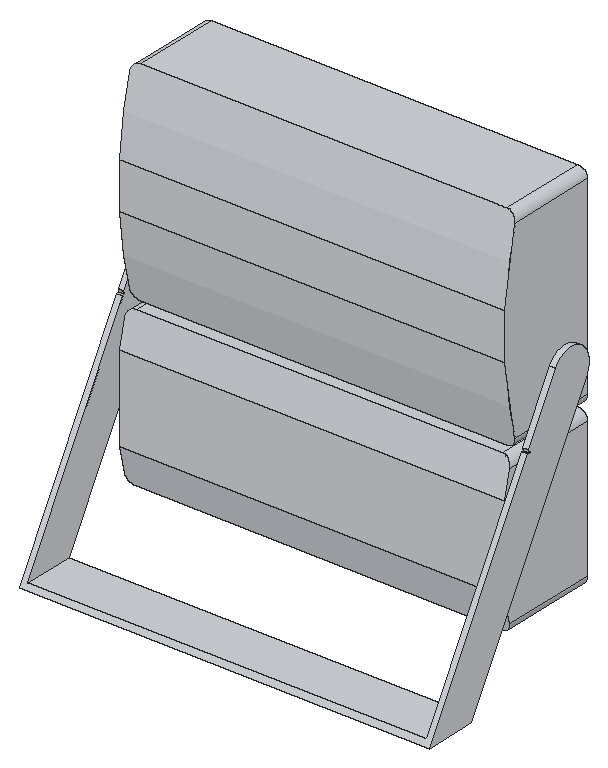
Revit family "Lighting-Proiezione-GEWISS-SMART[PRO]2.0-PROIETTORI-LED-MEDIA-POTENZA_2MODULI_DALI_CLII", category Apparecchi per illuminazione, host Superficie, Revit 2019 (continued)
Types (46, lengths in mm): name | Versioni | Tolleranza cromatica | Temperatura di colore | Scheda Tecnica | Ottica | Modello | Lumen output (lm) | Indice di resa cromatica | Immagine tipo | IPEA | IDT | Gruppo ottico | Efficienza luminosa (lm/W) | Descrizione | Controllo abbagliamento e luminanza
  GWP2274HB - SMARTPRO2.0 2M 4000K CRI70 C3 DALI CL2 | "Luce naturale 4000K" | "SDCM = 5" | "4000K" | "https://www.gewiss.com/it/it/search?q=GWP2274HB" | "C3 - Circolare 20°" | "GWP2274HB" | "40900" | "CRI-70" | GWP2273HD.jpg | "STRADALE = A+ // GRANDI AREE = A4+ // CICLOPEDONALI = A++ // AREE VERDI = A++ // CENTRO STORICO = A6+ // ALTRO = A6+" | "0a9a1dd111ca48b38a2a64cef8a794c0" | "Riflettore in PC HT quarzato&nbsp; e metallizzato lucido" | "124" | "SMARTPRO2.0 2M 4000K CRI70 C3 DALI CL2" | "G*6 - ULOR = 0"
  GWP2274LB - SMARTPRO2.0 2M 4000K CRI70 C2 DALI CL2 | "Luce naturale 4000K" | "SDCM = 5" | "4000K" | "https://www.gewiss.com/it/it/search?q=GWP2274LB" | "C2 - Circolare 25°" | "GWP2274LB" | "40000" | "CRI-70" | GWP2273LD.jpg | "STRADALE = A+ // GRANDI AREE = A4+ // CICLOPEDONALI = A++ // AREE VERDI = A++ // CENTRO STORICO = A6+ // ALTRO = A6+" | "9e6d626ee0e0481d993c887008ef68ff" | "Riflettore in PC HT quarzato&nbsp; e metallizzato lucido" | "121" | "SMARTPRO2.0 2M 4000K CRI70 C2 DALI CL2" | "G*6 - ULOR = 0"
  GWP2274MB - SMARTPRO2.0 2M 4000K CRI70 C1 DALI CL2 | "Luce naturale 4000K" | "SDCM = 5" | "4000K" | "https://www.gewiss.com/it/it/search?q=GWP2274MB" | "C1 - Circolare 30°" | "GWP2274MB" | "40000" | "CRI-70" | GWP2273MD.jpg | "STRADALE = A+ // GRANDI AREE = A4+ // CICLOPEDONALI = A++ // AREE VERDI = A++ // CENTRO STORICO = A6+ // ALTRO = A6+" | "44288b9d7af84eeba07b06b35b706525" | "Riflettore in PC HT quarzato&nbsp; e metallizzato lucido" | "121" | "SMARTPRO2.0 2M 4000K CRI70 C1 DALI CL2" | "G*6 - ULOR = 0"
  GWP2275AB - SMARTPRO2.0 2M 5700K CRI70 S1 DALI CL2 | "Luce fredda 5700K" | "SDCM = 5" | "5700K" | "https://www.gewiss.com/it/it/search?q=GWP2275AB" | "S1 - Simmetrica Larga" | "GWP2275AB" | "39200" | "CRI-70" | GWP2274AD.jpg | "STRADALE = A // GRANDI AREE = A3+ // CICLOPEDONALI = A+ // AREE VERDI = A+ // CENTRO STORICO = A6+ // ALTRO = A6+" | "d5bea3224395495584c5324f5edf28bf" | "Riflettore in PC HT quarzato&nbsp; e metallizzato lucido" | "119" | "SMARTPRO2.0 2M 5700K CRI70 S1 DALI CL2" | "G*6 - ULOR = 0"
  GWP2275BB - SMARTPRO2.0 2M 5700K CRI70 S2 DALI CL2 | "Luce fredda 5700K" | "SDCM = 5" | "5700K" | "https://www.gewiss.com/it/it/search?q=GWP2275BB" | "S2 - Simmetrica Media" | "GWP2275BB" | "40600" | "CRI-70" | GWP2275BD.jpg | "STRADALE = A+ // GRANDI AREE = A4+ // CICLOPEDONALI = A++ // AREE VERDI = A++ // CENTRO STORICO = A6+ // ALTRO = A6+" | "5c40a7ef9c134d0c94a7d56361aa4a02" | "Parabola in alluminio anodizzato brillantato con alluminio puro 99,99%" | "123" | "SMARTPRO2.0 2M 5700K CRI70 S2 DALI CL2" | "G*6 - ULOR = 0"
  GWP2275CB - SMARTPRO2.0 2M 5700K CRI70 A1 DALI CL2 | "Luce fredda 5700K" | "SDCM = 5" | "5700K" | "https://www.gewiss.com/it/it/search?q=GWP2275CB" | "A1 - Asimmetrica Larga" | "GWP2275CB" | "38100" | "CRI-70" | GWP2275CD.jpg | "STRADALE = A // GRANDI AREE = A3+ // CICLOPEDONALI = A+ // AREE VERDI = A+ // CENTRO STORICO = A5+ // ALTRO = A5+" | "5158cd25e83440dc8bf74c2d5da5516a" | "Riflettore in PC HT quarzato&nbsp; e metallizzato lucido" | "115" | "SMARTPRO2.0 2M 5700K CRI70 A1 DALI CL2" | "G*4 - ULOR = 0"
  GWP2275FB - SMARTPRO2.0 2M 5700K CRI70 A2 DALI CL2 | "Luce fredda 5700K" | "SDCM = 5" | "5700K" | "https://www.gewiss.com/it/it/search?q=GWP2275FB" | "A2 - Asimmetrica Media" | "GWP2275FB" | "32800" | "CRI-70" | GWP2275FD.jpg | "STRADALE = C // GRANDI AREE = A+ // CICLOPEDONALI = B // AREE VERDI = B // CENTRO STORICO = A3+ // ALTRO = A3+" | "59deb40247814793b1e10a8875457bb0" | "Parabola in alluminio anodizzato brillantato con alluminio puro 99,99%" | "99" | "SMARTPRO2.0 2M 5700K CRI70 A2 DALI CL2" | "G*3 - ULOR = 0"
  GWP2275GB - SMARTPRO2.0 2M 5700K CRI70 C4 DALI CL2 | "Luce fredda 5700K" | "SDCM = 5" | "5700K" | "https://www.gewiss.com/it/it/search?q=GWP2275GB" | "C4 - Circolare 15°" | "GWP2275GB" | "40900" | "CRI-70" | GWP2275GD.jpg | "STRADALE = A+ // GRANDI AREE = A4+ // CICLOPEDONALI = A++ // AREE VERDI = A++ // CENTRO STORICO = A6+ // ALTRO = A6+" | "dd30ef90edb6445498310c09e024a283" | "Riflettore in PC HT quarzato&nbsp; e metallizzato lucido" | "124" | "SMARTPRO2.0 2M 5700K CRI70 C4 DALI CL2" | "G*6 - ULOR = 0"
  GWP2275HB - SMARTPRO2.0 2M 5700K CRI70 C3 DALI CL2 | "Luce fredda 5700K" | "SDCM = 5" | "5700K" | "https://www.gewiss.com/it/it/search?q=GWP2275HB" | "C3 - Circolare 20°" | "GWP2275HB" | "40900" | "CRI-70" | GWP2275HD.jpg | "STRADALE = A+ // GRANDI AREE = A4+ // CICLOPEDONALI = A++ // AREE VERDI = A++ // CENTRO STORICO = A6+ // ALTRO = A6+" | "589a8be09c23442196b9b4075ac82ccd" | "Riflettore in PC HT quarzato&nbsp; e metallizzato lucido" | "124" | "SMARTPRO2.0 2M 5700K CRI70 C3 DALI CL2" | "G*6 - ULOR = 0"
  GWP2275LB - SMARTPRO2.0 2M 5700K CRI70 C2 DALI CL2 | "Luce fredda 5700K" | "SDCM = 5" | "5700K" | "https://www.gewiss.com/it/it/search?q=GWP2275LB" | "C2 - Circolare 25°" | "GWP2275LB" | "40000" | "CRI-70" | GWP2275LD.jpg | "STRADALE = A+ // GRANDI AREE = A4+ // CICLOPEDONALI = A++ // AREE VERDI = A++ // CENTRO STORICO = A6+ // ALTRO = A6+" | "06ad80a1b23247fbaf66b63b953750ed" | "Riflettore in PC HT quarzato&nbsp; e metallizzato lucido" | "121" | "SMARTPRO2.0 2M 5700K CRI70 C2 DALI CL2" | "G*6 - ULOR = 0"
  GWP2275MB - SMARTPRO2.0 2M 5700K CRI70 C1 DALI CL2 | "Luce fredda 5700K" | "SDCM = 5" | "5700K" | "https://www.gewiss.com/it/it/search?q=GWP2275MB" | "C1 - Circolare 30°" | "GWP2275MB" | "40000" | "CRI-70" | GWP2275MD.jpg | "STRADALE = A+ // GRANDI AREE = A4+ // CICLOPEDONALI = A++ // AREE VERDI = A++ // CENTRO STORICO = A6+ // ALTRO = A6+" | "2ed15522a6594842accb66817c0f5006" | "Riflettore in PC HT quarzato&nbsp; e metallizzato lucido" | "121" | "SMARTPRO2.0 2M 5700K CRI70 C1 DALI CL2" | "G*6 - ULOR = 0"
  GWP2273NB - SMARTPRO2.0 2M 3000K CRI70 A3 DALI CL2 | "Luce calda 3000K" | "SDCM = 5" | "3000K" | "https://www.gewiss.com/it/it/search?q=GWP2273NB" | "A3 - Asimmetrica Stretta" | "GWP2273NB" | "37200" | "CRI-70" | GWP2273MD.jpg | "STRADALE = A // GRANDI AREE = A3+ // CICLOPEDONALI = A+ // AREE VERDI = A+ // CENTRO STORICO = A5+ // ALTRO = A5+" | "e2e693e41fe74a66ac9c686c5a8f93d4" | "Parabola in alluminio anodizzato brillantato con alluminio puro 99,99%" | "113" | "SMARTPRO2.0 2M 3000K CRI70 A3 DALI CL2" | "G*6 - ULOR = 0"
  GWP2274NB - SMARTPRO2.0 2M 4000K CRI70 A3 DALI CL2 | "Luce naturale 4000K" | "SDCM = 5" | "4000K" | "https://www.gewiss.com/it/it/search?q=GWP2274NB" | "A3 - Asimmetrica Stretta" | "GWP2274NB" | "39800" | "CRI-70" | GWP2273MD.jpg | "STRADALE = A+ // GRANDI AREE = A4+ // CICLOPEDONALI = A++ // AREE VERDI = A++ // CENTRO STORICO = A6+ // ALTRO = A6+" | "fe9e07ec04114fba9a5248143d1d1733" | "Parabola in alluminio anodizzato brillantato con alluminio puro 99,99%" | "121" | "SMARTPRO2.0 2M 4000K CRI70 A3 DALI CL2" | "G*6 - ULOR = 0"
  GWP2275NB - SMARTPRO2.0 2M 5700K CRI70 A3 DALI CL2 | "Luce fredda 5700K" | "SDCM = 5" | "5700K" | "https://www.gewiss.com/it/it/search?q=GWP2275NB" | "A3 - Asimmetrica Stretta" | "GWP2275NB" | "39800" | "CRI-70" | GWP2275MD.jpg | "STRADALE = A+ // GRANDI AREE = A4+ // CICLOPEDONALI = A++ // AREE VERDI = A++ // CENTRO STORICO = A6+ // ALTRO = A6+" | "2446ee734c8047bfa32cf1b0734a982d" | "Parabola in alluminio anodizzato brillantato con alluminio puro 99,99%" | "121" | "SMARTPRO2.0 2M 5700K CRI70 A3 DALI CL2" | "G*6 - ULOR = 0"
  GWP2284AB - SMARTPRO2.0 2M 4000K CRI80 S1 DALI CL2 | "Luce naturale 4000K" | "SDCM = 3" | "4000K" | "https://www.gewiss.com/it/it/search?q=GWP2284AB" | "S1 - Simmetrica Larga" | "GWP2284AB" | "36600" | "CRI-80" | GWP2274AD.jpg | "STRADALE = A // GRANDI AREE = A++ // CICLOPEDONALI = A+ // AREE VERDI = A+ // CENTRO STORICO = A4+ // ALTRO = A4+" | "8431ae094de54600af6bf3c38a360cce" | "Riflettore in PC HT quarzato&nbsp; e metallizzato lucido" | "111" | "SMARTPRO2.0 2M 4000K CRI80 S1 DALI CL2" | "G*6 - ULOR = 0"
  GWP2284BB - SMARTPRO2.0 2M 4000K CRI80 S2 DALI CL2 | "Luce naturale 4000K" | "SDCM = 3" | "4000K" | "https://www.gewiss.com/it/it/search?q=GWP2284BB" | "S2 - Simmetrica Media" | "GWP2284BB" | "37900" | "CRI-80" | GWP2274AD.jpg | "STRADALE = A // GRANDI AREE = A3+ // CICLOPEDONALI = A+ // AREE VERDI = A+ // CENTRO STORICO = A5+ // ALTRO = A5+" | "0e9ee387a2a84ee595dd18c280f8cd03" | "Parabola in alluminio anodizzato brillantato con alluminio puro 99,99%" | "115" | "SMARTPRO2.0 2M 4000K CRI80 S2 DALI CL2" | "G*6 - ULOR = 0"
  GWP2284CB - SMARTPRO2.0 2M 4000K CRI80 A1 DALI CL2 | "Luce naturale 4000K" | "SDCM = 3" | "4000K" | "https://www.gewiss.com/it/it/search?q=GWP2284CB" | "A1 - Asimmetrica Larga" | "GWP2284CB" | "35600" | "CRI-80" | GWP2274AD.jpg | "STRADALE = B // GRANDI AREE = A++ // CICLOPEDONALI = A // AREE VERDI = A // CENTRO STORICO = A4+ // ALTRO = A4+" | "4f59b70de64b46aa9bf9103ab5c2abfb" | "Riflettore in PC HT quarzato&nbsp; e metallizzato lucido" | "108" | "SMARTPRO2.0 2M 4000K CRI80 A1 DALI CL2" | "G*4 - ULOR = 0"
  GWP2284FB - SMARTPRO2.0 2M 4000K CRI80 A2 DALI CL2 | "Luce naturale 4000K" | "SDCM = 3" | "4000K" | "https://www.gewiss.com/it/it/search?q=GWP2284FB" | "A2 - Asimmetrica Media" | "GWP2284FB" | "30600" | "CRI-80" | GWP2274AD.jpg | "STRADALE = C // GRANDI AREE = A // CICLOPEDONALI = B // AREE VERDI = B // CENTRO STORICO = A++ // ALTRO = A++" | "72596783e35644f190889f4d1e0dd92f" | "Parabola in alluminio anodizzato brillantato con alluminio puro 99,99%" | "93" | "SMARTPRO2.0 2M 4000K CRI80 A2 DALI CL2" | "G*3 - ULOR = 0"
  GWP2284GB - SMARTPRO2.0 2M 4000K CRI80 C4 DALI CL2 | "Luce naturale 4000K" | "SDCM = 3" | "4000K" | "https://www.gewiss.com/it/it/search?q=GWP2284GB" | "C4 - Circolare 15°" | "GWP2284GB" | "38200" | "CRI-80" | GWP2274AD.jpg | "STRADALE = A // GRANDI AREE = A3+ // CICLOPEDONALI = A+ // AREE VERDI = A+ // CENTRO STORICO = A5+ // ALTRO = A5+" | "75ba79d9bab14903909e1e7f1a5963b5" | "Riflettore in PC HT quarzato&nbsp; e metallizzato lucido" | "116" | "SMARTPRO2.0 2M 4000K CRI80 C4 DALI CL2" | "G*6 - ULOR = 0"
  GWP2284HB - SMARTPRO2.0 2M 4000K CRI80 C3 DALI CL2 | "Luce naturale 4000K" | "SDCM = 3" | "4000K" | "https://www.gewiss.com/it/it/search?q=GWP2284HB" | "C3 - Circolare 20°" | "GWP2284HB" | "38200" | "CRI-80" | GWP2274AD.jpg | "STRADALE = A // GRANDI AREE = A3+ // CICLOPEDONALI = A+ // AREE VERDI = A+ // CENTRO STORICO = A5+ // ALTRO = A5+" | "d14636316cda4f33b48f4df3097d056c" | "Riflettore in PC HT quarzato&nbsp; e metallizzato lucido" | "116" | "SMARTPRO2.0 2M 4000K CRI80 C3 DALI CL2" | "G*6 - ULOR = 0"
  GWP2284LB - SMARTPRO2.0 2M 4000K CRI80 C2 DALI CL2 | "Luce naturale 4000K" | "SDCM = 3" | "4000K" | "https://www.gewiss.com/it/it/search?q=GWP2284LB" | "C2 - Circolare 25°" | "GWP2284LB" | "37300" | "CRI-80" | GWP2274AD.jpg | "STRADALE = A // GRANDI AREE = A3+ // CICLOPEDONALI = A+ // AREE VERDI = A+ // CENTRO STORICO = A5+ // ALTRO = A5+" | "76361022ba584aa1a781f4bfe61dfb91" | "Riflettore in PC HT quarzato&nbsp; e metallizzato lucido" | "113" | "SMARTPRO2.0 2M 4000K CRI80 C2 DALI CL2" | "G*6 - ULOR = 0"
  GWP2284MB - SMARTPRO2.0 2M 4000K CRI80 C1 DALI CL2 | "Luce naturale 4000K" | "SDCM = 3" | "4000K" | "https://www.gewiss.com/it/it/search?q=GWP2284MB" | "C1 - Circolare 30°" | "GWP2284MB" | "37300" | "CRI-80" | GWP2274AD.jpg | "STRADALE = A // GRANDI AREE = A3+ // CICLOPEDONALI = A+ // AREE VERDI = A+ // CENTRO STORICO = A5+ // ALTRO = A5+" | "0047e49d9b4f4e48a58225cd1c8c2c4a" | "Riflettore in PC HT quarzato&nbsp; e metallizzato lucido" | "113" | "SMARTPRO2.0 2M 4000K CRI80 C1 DALI CL2" | "G*6 - ULOR = 0"
  GWP2284NB - SMARTPRO2.0 2M 4000K CRI80 A3 DALI CL2 | "Luce naturale 4000K" | "SDCM = 3" | "4000K" | "https://www.gewiss.com/it/it/search?q=GWP2284NB" | "A3 - Asimmetrica Stretta" | "GWP2284NB" | "37200" | "CRI-80" | GWP2274AD.jpg | "STRADALE = A // GRANDI AREE = A3+ // CICLOPEDONALI = A+ // AREE VERDI = A+ // CENTRO STORICO = A5+ // ALTRO = A5+" | "132314cb1b854b53a35eaeb109d835d9" | "Parabola in alluminio anodizzato brillantato con alluminio puro 99,99%" | "113" | "SMARTPRO2.0 2M 4000K CRI80 A3 DALI CL2" | "G*6 - ULOR = 0"
  GWP2283AB - SMARTPRO2.0 2M 3000K CRI80 S1 DALI CL2 | "Luce calda 3000K" | "SDCM = 3" | "3000K" | "https://www.gewiss.com/it/it/search?q=GWP2283AB" | "S1 - Simmetrica Larga" | "GWP2283AB" | "34000" | "CRI-80" | GWP2274AD.jpg | "STRADALE = B // GRANDI AREE = A+ // CICLOPEDONALI = A // AREE VERDI = A // CENTRO STORICO = A3+ // ALTRO = A3+" | "503406fa5b8a4cb1b1bb9f87383b1df0" | "Riflettore in PC HT quarzato&nbsp; e metallizzato lucido" | "103" | "SMARTPRO2.0 2M 3000K CRI80 S1 DALI CL2" | "G*6 - ULOR = 0"
  GWP2283BB - SMARTPRO2.0 2M 3000K CRI80 S2 DALI CL2 | "Luce calda 3000K" | "SDCM = 3" | "3000K" | "https://www.gewiss.com/it/it/search?q=GWP2283BB" | "S2 - Simmetrica Media" | "GWP2283BB" | "35200" | "CRI-80" | GWP2274AD.jpg | "STRADALE = B // GRANDI AREE = A++ // CICLOPEDONALI = A // AREE VERDI = A // CENTRO STORICO = A4+ // ALTRO = A4+" | "f8fcc2a002c443a6bf4ef334adb2fc10" | "Parabola in alluminio anodizzato brillantato con alluminio puro 99,99%" | "107" | "SMARTPRO2.0 2M 3000K CRI80 S2 DALI CL2" | "G*6 - ULOR = 0"
  GWP2283CB - SMARTPRO2.0 2M 3000K CRI80 A1 DALI CL2 | "Luce calda 3000K" | "SDCM = 3" | "3000K" | "https://www.gewiss.com/it/it/search?q=GWP2283CB" | "A1 - Asimmetrica Larga" | "GWP2283CB" | "33000" | "CRI-80" | GWP2274AD.jpg | "STRADALE = B // GRANDI AREE = A+ // CICLOPEDONALI = B // AREE VERDI = B // CENTRO STORICO = A3+ // ALTRO = A3+" | "deaadf05bce74297bc3ca0e355d35eb0" | "Riflettore in PC HT quarzato&nbsp; e metallizzato lucido" | "100" | "SMARTPRO2.0 2M 3000K CRI80 A1 DALI CL2" | "G*4 - ULOR = 0"
  GWP2283FB - SMARTPRO2.0 2M 3000K CRI80 A2 DALI CL2 | "Luce calda 3000K" | "SDCM = 3" | "3000K" | "https://www.gewiss.com/it/it/search?q=GWP2283FB" | "A2 - Asimmetrica Media" | "GWP2283FB" | "28400" | "CRI-80" | GWP2274AD.jpg | "STRADALE = C // GRANDI AREE = B // CICLOPEDONALI = C // AREE VERDI = C // CENTRO STORICO = A+ // ALTRO = A+" | "c6c43d8c62a54d9a9ac6149c101b0dd1" | "Parabola in alluminio anodizzato brillantato con alluminio puro 99,99%" | "86" | "SMARTPRO2.0 2M 3000K CRI80 A2 DALI CL2" | "G*3 - ULOR = 0"
  GWP2283GB - SMARTPRO2.0 2M 3000K CRI80 C4 DALI CL2 | "Luce calda 3000K" | "SDCM = 3" | "3000K" | "https://www.gewiss.com/it/it/search?q=GWP2283GB" | "C4 - Circolare 15°" | "GWP2283GB" | "35500" | "CRI-80" | GWP2274AD.jpg | "STRADALE = B // GRANDI AREE = A++ // CICLOPEDONALI = A // AREE VERDI = A // CENTRO STORICO = A4+ // ALTRO = A4+" | "f97f769f1cb8480bb7c5ffd54c317f37" | "Riflettore in PC HT quarzato&nbsp; e metallizzato lucido" | "108" | "SMARTPRO2.0 2M 3000K CRI80 C4 DALI CL2" | "G*6 - ULOR = 0"
  GWP2283HB - SMARTPRO2.0 2M 3000K CRI80 C3 DALI CL2 | "Luce calda 3000K" | "SDCM = 3" | "3000K" | "https://www.gewiss.com/it/it/search?q=GWP2283HB" | "C3 - Circolare 20°" | "GWP2283HB" | "35500" | "CRI-80" | GWP2274AD.jpg | "STRADALE = B // GRANDI AREE = A++ // CICLOPEDONALI = A // AREE VERDI = A // CENTRO STORICO = A4+ // ALTRO = A4+" | "db43b9592e924870823cfc269478e53d" | "Riflettore in PC HT quarzato&nbsp; e metallizzato lucido" | "108" | "SMARTPRO2.0 2M 3000K CRI80 C3 DALI CL2" | "G*6 - ULOR = 0"
  GWP2283LB - SMARTPRO2.0 2M 3000K CRI80 C2 DALI CL2 | "Luce calda 3000K" | "SDCM = 3" | "3000K" | "https://www.gewiss.com/it/it/search?q=GWP2283LB" | "C2 - Circolare 25°" | "GWP2283LB" | "34700" | "CRI-80" | GWP2274AD.jpg | "STRADALE = B // GRANDI AREE = A++ // CICLOPEDONALI = A // AREE VERDI = A // CENTRO STORICO = A3+ // ALTRO = A3+" | "3081dd7a27e246ef94da0fdda3a04ee3" | "Riflettore in PC HT quarzato&nbsp; e metallizzato lucido" | "105" | "SMARTPRO2.0 2M 3000K CRI80 C2 DALI CL2" | "G*6 - ULOR = 0"
  GWP2283MB - SMARTPRO2.0 2M 3000K CRI80 C1 DALI CL2 | "Luce calda 3000K" | "SDCM = 3" | "3000K" | "https://www.gewiss.com/it/it/search?q=GWP2283MB" | "C1 - Circolare 30°" | "GWP2283MB" | "34700" | "CRI-80" | GWP2274AD.jpg | "STRADALE = B // GRANDI AREE = A++ // CICLOPEDONALI = A // AREE VERDI = A // CENTRO STORICO = A3+ // ALTRO = A3+" | "eaa14b8a891c40a9bde9454a3ec7d2ab" | "Riflettore in PC HT quarzato&nbsp; e metallizzato lucido" | "105" | "SMARTPRO2.0 2M 3000K CRI80 C1 DALI CL2" | "G*6 - ULOR = 0"
  GWP2283NB - SMARTPRO2.0 2M 3000K CRI80 A3 DALI CL2 | "Luce calda 3000K" | "SDCM = 3" | "3000K" | "https://www.gewiss.com/it/it/search?q=GWP2283NB" | "A3 - Asimmetrica Stretta" | "GWP2283NB" | "34500" | "CRI-80" | GWP2274AD.jpg | "STRADALE = B // GRANDI AREE = A++ // CICLOPEDONALI = A // AREE VERDI = A // CENTRO STORICO = A3+ // ALTRO = A3+" | "0afa487191a046d39886e670207cd3c3" | "Parabola in alluminio anodizzato brillantato con alluminio puro 99,99%" | "105" | "SMARTPRO2.0 2M 3000K CRI80 A3 DALI CL2" | "G*6 - ULOR = 0"
